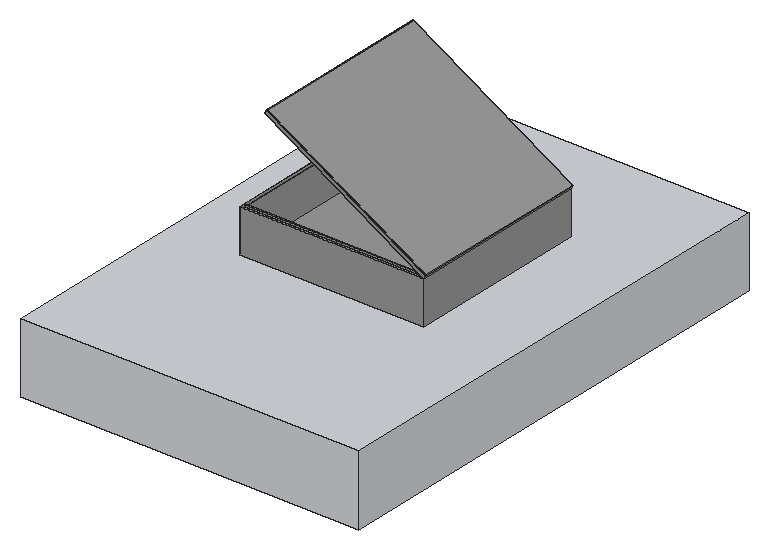
Revit family "Hager-Univers-IP54-D205-H800-Cl.II-Encl-CH-en", category Equipement électrique, Revit 2020
Family settings
  Hôte = Face
  Configuration du panneau = Deux colonnes, circuits au sein
  Cote de connecteur circulaire = Utiliser le diamètre
  Type d'élément = Tableau de raccordement
  Couper avec des vides une fois chargée = Non
  Partagée = Non
  Point de calcul de pièce = Non
Parameters (values of type "Surface mounted (plaster) IP54 W800 H800 D205  - FP53QSW")
  Width Control [instance] = if([EF000008 - Width] > Min Width, [EF000008 - Width], Min Width)  # 800 mm
  Commentaires du type = [HG000003 - Range]  # "Univers"
  Thickness Door [instance] = if([EF009171 - Material plate thickness door/cover] > 3 mm, 3 mm, [EF009171 - Material plate thickness door/cover])  # 1 mm
  Seal Frame Offset [instance] = 17 mm  # constant formula
  Plinth Visibility [instance] = [HG000027 - Plinth height] > 0 mm  # no
  Model = ""
  Min Width [instance] = 100 mm  # constant formula
  Min Height [instance] = 100 mm  # constant formula
  Min Depth [instance] = (2 * [EF009170 - Material plate thickness cabinet]) + 1 mm  # 3 mm
  Internal Frame Depth [instance] = (Door System Depth * 0.5)  # 9 mm
  Height Control [instance] = if([EF000040 - Height] > Min Height, [EF000040 - Height], Min Height)  # 800 mm
  HG000027 - Plinth height = 0 mm
  HG000026 - Floor standing = no
  HG000024 - Bottom section height = 800 mm
  HG000023 - Double section enclosure = no
  HG000016 - Door 3d visibility [instance] = yes
  HG000015 - Clearance visibility [instance] = no
  HG000014 - Door on the right [instance] = yes
  HG000013 - Door on the left [instance] = not([HG000014 - Door on the right])  # no
  HG000012 - Door swing angle [instance] = 30.00°
  HG000010 - Asymmetric doors = no
  HG000009 - Double swing door = no
  HG000006 - Flush mounted = no
  HG000004 - Manufacturer reference = "FP53QSW"
  HG000003 - Range = "Univers"
  HG000002 - With door or cover = yes
  Frame Offset Bottom [instance] = 10 mm  # constant formula
  Frame Offset [instance] = 15 mm  # constant formula
  EF015940 - Cover with overpressure release = no
  EF011959 - Degree of protection (NEMA) = ""
  EF009554 - Number of openings for flange plates = 6
  EF009212 - Cover model = "EV000116 - Closed"
  EF009171 - Material plate thickness door/cover = 1 mm
  EF009170 - Material plate thickness cabinet = 1 mm
  Fabricant = "Hager"  # constant formula
  EF008873 - Nominal current (In) = 250 A
  EF007800 - Suitable for lightning protection = no
  EF006306 - With lock = no
  EF006244 - Transparent cover/door = no
  EF005474 - Degree of protection (IP) = "EV006419 - IP54"
  EF004464 - Type of door = "EV002646 - Single"
  EF004427 - Number of modules = 180
  EF004293 - Impact strength = "EV006815 - IK09"
  EF003532 - Suitable for outdoor use = no
  EF002950 - Width in number of modular spacings = 36
  EF001613 - Circuit integrity = "EV000494 - None"
  EF001596 - Material housing = "EV000179 - Steel"
  EF001131 - Internal depth = 143 mm
  EF001088 - Extension possible = yes
  EF000437 - Number of conduit inlets = 6
  EF000339 - Type of cover = "EV001012 - Cover"
  EF000266 - Number of rows = 5
  EF000218 - Built-in depth = 0 mm
  EF000118 - With mounting plate = no
  EF000116 - RAL-number = "9010"
  EF000049 - Depth = 205 mm
  EF000040 - Height = 800 mm
  EF000008 - Width = 800 mm
  EF000007 - Colour = "EV000202 - White"
  EF000003 - Mounting method = "EV000384 - Surface mounted (plaster)"
  Door System Leaf Tolerance [instance] = 1.5 mm  # constant formula
  Door System Depth [instance] = 18 mm  # constant formula
  Door Height [instance] = Height Control - [HG000027 - Plinth height]  # 800 mm
  Depth Control [instance] = if([EF000049 - Depth] > Min Depth, [EF000049 - Depth], Min Depth)  # 205 mm
  Default Elevation = 0 mm
  Connector Offset [instance] = Height Control / 2  # 400 mm
  Bottom Top Plate Trim [instance] = 1.5 mm  # constant formula
  Plinth height Ctrl [instance] = if([HG000027 - Plinth height] > 0 mm, [HG000027 - Plinth height], 12 mm)  # 12 mm
Types (4, lengths in mm): name | Width Control | HG000004 - Manufacturer reference | EF009554 - Number of openings for flange plates | EF004464 - Type of door | EF004427 - Number of modules | EF002950 - Width in number of modular spacings | EF001131 - Internal depth | EF000437 - Number of conduit inlets | EF000339 - Type of cover | EF000008 - Width
  Surface mounted (plaster) IP54 W1050 H800 D205  - FP54QSW | 1050 | "FP54QSW" | 8 | "EV003602 - Double" | 240 | 48 | 130 | 8 | "EV004216 - Door" | 1050
  Surface mounted (plaster) IP54 W300 H800 D205  - FP51QSW | 300 | "FP51QSW" | 2 | "EV002646 - Single" | 60 | 12 | 130 | 2 | "EV001012 - Cover" | 300
  Surface mounted (plaster) IP54 W550 H800 D205  - FP52QSW | 550 | "FP52QSW" | 4 | "EV002646 - Single" | 120 | 24 | 143 | 4 | "EV001012 - Cover" | 550
  Surface mounted (plaster) IP54 W800 H800 D205  - FP53QSW | 800 | "FP53QSW" | 6 | "EV002646 - Single" | 180 | 36 | 143 | 6 | "EV001012 - Cover" | 800
Reference planes
  plane 1 "Center (Front/Back)": y = 0
  plane 2: z = 0
  plane 3 "Center (Left/Right)": x = 0
  plane 4: z = 205
  plane 5: y = 1
  plane 6: y = 400
  plane 7: y = 0
  plane 8: y = 800
  plane 9: z = 0
  plane 10: x = -385
  plane 11: x = 385
  plane 12: x = 384
  plane 13: x = -384
  plane 14: y = 799
  plane 15: x = -383
  plane 16: x = -400
  plane 17: x = 383
  plane 18: x = 400
  plane 19: x = 399
  plane 20: x = -399
  plane 21: y = 11
  plane 22: y = 800
  plane 23: y = 784
  plane 24: z = 187
  plane 25: z = 1
  plane 26: z = 186
  plane 27: z = 204
Forms (mm)
  Extrusion 1, solid
    sketch origin (0, 0, 0) x (1, 0, 0) y (0, 1, 0)
      loop
        line (-702.964, 1305) -> (-702.964, -811.445) -> (766.763, -811.445) -> (766.763, 1305) -> (-702.964, 1305)
    from 0 to -304.8
  Extrusion 2, solid, material "Hager_Steel_RAL7035_Light_Grey", visible <- "Plinth Visibility", detail levels medium+fine
    sketch origin (0, 0, 0) x (1, 0, 0) y (0, 1, 0)
      loop
        line (-400, 0) -> (400, 0) -> (400, 12) -> (-400, 12) -> (-400, 0)
    from 0 to 187
  Extrusion 3, solid, material "Hager_Steel_RAL7035_Light_Grey", detail levels medium+fine
    sketch origin (0, 0, 0) x (1, 0, 0) y (0, 1, 0)
      loop
        line (-400, 0) -> (400, 0) -> (400, 800) -> (-400, 800) -> (-400, 0)
    from 0 to 187
  Extrusion 4, void
    sketch origin (0, 0, 0) x (1, 0, 0) y (0, 1, 0)
      loop
        line (-399, 1) -> (399, 1) -> (399, 799) -> (-399, 799) -> (-399, 1)
    from 1 to 186
  Extrusion 5, void
    sketch origin (-381.607, -4572, 187) x (0, -1, 0) y (-1, 0, 0)
      loop
        line (-4583, 2.393) -> (-5356, 2.393) -> (-5356, -765.607) -> (-4583, -765.607) -> (-4583, 2.393)
    from 0 to 1 <- "EF009170 - Material plate thickness cabinet"
  Extrusion 6, solid, material "Hager_Steel_RAL7035_Light_Grey", detail levels fine
    sketch origin (0, 0, 187) x (1, 0, 0) y (0, 1, 0)
      loop
        line (-384, 784) -> (-384, 11) -> (384, 11) -> (384, 784) -> (-384, 784)
      loop
        line (-385, 10) -> (385, 10) -> (385, 785) -> (-385, 785) -> (-385, 10)
    from 0 to 9 <- "Internal Frame Depth"
  Extrusion 7, solid, material "Hager_Steel_RAL7035_Light_Grey", detail levels coarse
    sketch origin (0, 0, 0) x (1, 0, 0) y (0, 1, 0)
      loop
        line (-400, 0) -> (400, 0) -> (400, 800) -> (-400, 800) -> (-400, 0)
    from 0 to 205
  Sweep 8, void
    path in 3D
      loop
        line (-400, 12, 0) -> (400, 12, 0) -> (400, 12, 187) -> (-400, 12, 187) -> (-400, 12, 0)
    profile origin (-400, 12, 93.5) x (-1, 0, 0) y (0, -1, 0)
      loop
        line (0, 0) -> (0, 1.5) -> (-1.5, 1.5)
        arc (-1.5, 1.5) -> (-1.061, 0.439) -> (0, 0) r 1.5
Cuts and joins
  Extrusion 4, Extrusion 5 cuts Extrusion 3
  Sweep 8 cuts Extrusion 2
Lines and regions (mm)
  Masking region 1
    outline origin (0, 0, 0) x (1, 0, 0) y (0, 0, 1)
      loop
        line (-400, 205) -> (-400, 0) -> (400, 0) -> (400, 205) -> (-400, 205)
  Masking region 2, detail levels medium+fine
    outline origin (0, 140, 0) x (0, 1, 0) y (0, 0, 1)
      loop
        line (-140, 0) -> (660, 0) -> (660, 187) -> (-140, 187) -> (-140, 0)
  Masking region 3, not visible, detail levels medium+fine
    outline origin (0, 297.922, 0) x (0, 1, 0) y (0, 0, 1)
      loop
        line (113.578, 0) -> (153.578, 0) -> (153.578, 194)
        arc (153.578, 194) -> (150.649, 201.071) -> (143.578, 204) r 10
        line (143.578, 204) -> (113.578, 204) -> (113.578, 0)
  Masking region 4, detail levels coarse
    outline origin (0, 0, 180) x (0, 1, 0) y (0, 0, 1)
      loop
        line (0, -180) -> (800, -180) -> (800, 25) -> (0, 25) -> (0, -180)
  Masking region 5, visible <- "Plinth Visibility", detail levels medium+fine
    outline origin (0, 52.24, 12.345) x (0, 0, -1) y (0, 1, 0)
      loop
        line (10.845, -40.24) -> (-173.155, -40.24)
        arc (-173.155, -40.24) -> (-173.594, -41.301) -> (-174.655, -41.74) r 1.5
        line (-174.655, -41.74) -> (-174.655, -52.24) -> (12.345, -52.24) -> (12.345, -41.74)
        arc (12.345, -41.74) -> (11.285, -41.301) -> (10.845, -40.24) r 1.5
  Masking region 6, detail levels medium+fine
    outline origin (-381.607, -4572, 187) x (-1, 0, 0) y (0, -1, 0)
      loop
        line (18.393, -5372) -> (18.393, -4572) -> (-781.607, -4572) -> (-781.607, -5372) -> (18.393, -5372)
  Masking region 7, visible <- "Plinth Visibility", detail levels medium+fine
    outline origin (-381.607, -4727, 187) x (-1, 0, 0) y (0, -1, 0)
      loop
        arc (16.893, -4739) -> (17.332, -4737.939) -> (18.393, -4737.5) r 1.5
        line (18.393, -4737.5) -> (18.393, -4727) -> (-781.607, -4727) -> (-781.607, -4737.5)
        arc (-781.607, -4737.5) -> (-780.546, -4737.939) -> (-780.107, -4739) r 1.5
        line (-780.107, -4739) -> (16.893, -4739)
  Masking region 8, detail levels coarse
    outline origin (-442.548, -4669.526, 187) x (-1, 0, 0) y (0, -1, 0)
      loop
        line (-42.548, -5469.526) -> (-42.548, -4669.526) -> (-842.548, -4669.526) -> (-842.548, -5469.526) -> (-42.548, -5469.526)
  sketch lines
    curve 1: line (-400, 12, 187) -> (-400, 12, 0)
    curve 2: line (400, 12, 187) -> (-400, 12, 187)
    curve 3: line (400, 12, 187) -> (400, 12, 0)
    curve 4: line (-400, 12, 0) -> (400, 12, 0)
Dimensions and locks
  "Depth Control": plane 4 to Extrusion 1
  "HG000027 - Plinth height": plane 1 "Center (Front/Back)" to plane 7
  "EF009170 - Material plate thickness cabinet": plane 5 to plane 7
  locked: connector elem to plane 3 "Center (Left/Right)"
  equal spacing: plane 8, plane 6, plane 7
  locked: connector elem to plane 6
  "EF009170 - Material plate thickness cabinet": plane 8 to plane 14
  "EF009170 - Material plate thickness cabinet": plane 10 to plane 13
  "EF009170 - Material plate thickness cabinet": plane 12 to plane 11
  "Frame Offset": plane 20 to plane 13
  "Frame Offset": plane 12 to plane 19
  "EF009170 - Material plate thickness cabinet": plane 16 to plane 20
  "EF009170 - Material plate thickness cabinet": plane 19 to plane 18
  "Seal Frame Offset": plane 16 to plane 15
  "Seal Frame Offset": plane 17 to plane 18
  "Frame Offset Bottom": plane 21 to plane 5
  "Frame Offset": plane 14 to plane 23
  equal spacing: plane 16, plane 3 "Center (Left/Right)", plane 18
  "Width Control": plane 16 to plane 18
  "EF009170 - Material plate thickness cabinet": plane 4 to plane 27
  "EF009170 - Material plate thickness cabinet": plane 24 to plane 26
  "EF009170 - Material plate thickness cabinet": plane 25 to level
  "Door System Depth": plane 4 to plane 24
  "Height Control": plane 1 "Center (Front/Back)" to Extrusion 7 sketch curve
  "Height Control": Masking region 4 sketch curve to plane 1 "Center (Front/Back)"
  "Height Control": plane 1 "Center (Front/Back)" to plane 22
  "Bottom Top Plate Trim": profile plane to Sweep 8 sketch curve
  "Bottom Top Plate Trim": Sweep 8 sketch curve to profile plane
  "Plinth height Ctrl": plane 1 "Center (Front/Back)" to Extrusion 2 sketch curve
  "Plinth height Ctrl": Masking region 5 sketch curve to plane 1 "Center (Front/Back)"
  "Plinth height Ctrl": plane 1 "Center (Front/Back)" to Masking region 7 sketch curve
  "Thickness Door": Extrusion 6 sketch curve to Extrusion 6 sketch curve  (x3)
  "Thickness Door": cut or joined group of Extrusion 3, Extrusion 4, Extrusion 5 to Extrusion 6 sketch curve
  radius of Masking region 3 sketch curve = 10 mm
  "Bottom Top Plate Trim": radius of Masking region 5 sketch curve  (x2)
  "Bottom Top Plate Trim": radius of Sweep 8 sketch curve
  "Bottom Top Plate Trim": radius of Masking region 7 sketch curve  (x2)
  aligned and locked: plane 2 to Extrusion 1
  aligned and locked: level to Extrusion 1
  aligned and locked: level to Masking region 1 sketch curve
  aligned and locked: Masking region 1 sketch curve to plane 18
  aligned and locked: Masking region 1 sketch curve to plane 16
  aligned and locked: plane 7 to Masking region 2 sketch curve
  aligned and locked: level to Masking region 3 sketch curve
  aligned and locked: Masking region 3 sketch curve to plane 27
  aligned and locked: level to Masking region 2 sketch curve
  aligned and locked: plane 1 "Center (Front/Back)" to Extrusion 2 sketch curve
  aligned and locked: Extrusion 3 sketch curve to plane 7
  aligned and locked: plane 16 to Extrusion 3 sketch curve
  aligned and locked: plane 18 to Extrusion 3 sketch curve
  aligned and locked: plane 20 to Extrusion 4 sketch curve
  aligned and locked: plane 19 to Extrusion 4 sketch curve
  aligned and locked: Extrusion 4 sketch curve to plane 5
  aligned and locked: Extrusion 4 to plane 25
  aligned and locked: plane 26 to Extrusion 4
  aligned and locked: plane 24 to Extrusion 3
  aligned and locked: Extrusion 5 sketch curve to plane 21
  aligned and locked: Extrusion 5 sketch curve to plane 13
  aligned and locked: Extrusion 5 sketch curve to plane 12
  aligned and locked: plane 18 to Extrusion 7 sketch curve
  aligned and locked: plane 1 "Center (Front/Back)" to Extrusion 7 sketch curve
  aligned and locked: plane 16 to Extrusion 7 sketch curve
  aligned and locked: plane 4 to Extrusion 7
  aligned and locked: Extrusion 7 to level
  aligned and locked: level to Masking region 4 sketch curve
  aligned and locked: Masking region 4 sketch curve to plane 1 "Center (Front/Back)"
  aligned and locked: Masking region 4 sketch curve to plane 4
  aligned and locked: nested 1 to level
  aligned and locked: nested 1 to plane 16
  aligned and locked: plane 8 to Extrusion 3 sketch curve
  aligned and locked: plane 23 to Extrusion 5 sketch curve
  aligned and locked: plane 14 to Extrusion 4 sketch curve
  aligned and locked: Masking region 2 sketch curve to plane 8
  aligned and locked: level to Masking region 5 sketch curve
  aligned and locked: plane 16 to Extrusion 2 sketch curve
  aligned and locked: plane 18 to Extrusion 2 sketch curve
  aligned and locked: Masking region 5 sketch curve to plane 24
  aligned and locked: Masking region 2 sketch curve to plane 24
  aligned and locked: plane 24 to Extrusion 2
  aligned and locked: profile plane to Sweep 8 sketch curve  (x2)
  aligned and locked: Masking region 6 sketch curve to plane 18
  aligned and locked: Masking region 6 sketch curve to plane 22
  aligned and locked: Masking region 6 sketch curve to plane 16
  aligned and locked: plane 8 to plane 22
  aligned and locked: Masking region 6 sketch curve to plane 7
  aligned and locked: Masking region 7 sketch curve to plane 16
  aligned and locked: Masking region 7 sketch curve to plane 1 "Center (Front/Back)"
  aligned and locked: Masking region 7 sketch curve to plane 18
  aligned and locked: Masking region 8 sketch curve to plane 1 "Center (Front/Back)"
  aligned and locked: Masking region 8 sketch curve to plane 18
  aligned and locked: Masking region 8 sketch curve to plane 22
  aligned and locked: Masking region 8 sketch curve to plane 16
  aligned and locked: nested 2 to plane 7
  aligned and locked: plane 3 "Center (Left/Right)" to nested 2
  aligned and locked: nested 2 to plane 24
  aligned and locked: Extrusion 6 sketch curve to cut or joined group of Extrusion 3, Extrusion 4, Extrusion 5  (x4)
Automatic sketch dimensions
  Extrusion 1 sketch curve to Extrusion 1 sketch curve = 1469.727 mm
  Extrusion 1 sketch curve to Extrusion 1 sketch curve = 2116.445 mm
  Masking region 1 sketch curve to plane 4 = 0 mm
  plane 6 to Masking region 3 sketch curve = 11.5 mm
  Masking region 3 sketch curve to Masking region 3 sketch curve = 30 mm
  Masking region 5 sketch curve to plane 1 "Center (Front/Back)" = 0 mm
Nested families
  nested 1: "Hager_Enclosure_Symbol" at (-400, 0, 0) x (1, 0, 0) z (0, -1, 0), Height <- "Depth Control", Width <- "Width Control", type "Hager_Enclosure_Symbol"
    with Width_Ctrl 800 mm, Width 800 mm, Height_Ctrl 205 mm, Height 205 mm, A_Width_Int 13.453 mm, A_Width 161.438 mm, A_Height_Ctrl 179.375 mm, A_Height 179.375 mm
  nested 2: "EC000058_Univers_Door" at (0, 0, 187) x (1, 0, 0) z (0, 1, 0), Leaf_Tolerance <- "Door System Leaf Tolerance", Angle <- "HG000012 - Door swing angle", Door_Depth <- "Door System Depth", Door_Left <- "HG000013 - Door on the left", Transparent <- "EF006244 - Transparent cover/door", Assymetrical <- "HG000010 - Asymmetric doors", Width <- "Width Control", Clearance <- "HG000015 - Clearance visibility", Double <- "HG000009 - Double swing door", 3d_Door <- "HG000016 - Door 3d visibility", Lock_Visibility <- "EF006306 - With lock", Width_Ctrl <- "Width Control", Door_Right <- "HG000014 - Door on the right", Door <- "HG000002 - With door or cover", Height <- "Door Height", Thickness <- "Thickness Door", type "EC000058_Univers_Door", detail levels medium+fine
    with min_wh 3 mm, Width_Ctrl 800 mm, Width 800 mm, Transparent no, Thickness 1 mm, Seal_Material Hager_Rubber, Lock_Visibility no, Lock_Material Hager_Plastic_RAL9005_Jet_Black, Leaf_Width 800 mm, Leaf_Tolerance_External_Sides 0 mm, Leaf_Tolerance 1.5 mm, Leaf_Offset 0 mm, Leaf_Height 797 mm, Leaf_2_Width 800 mm, Leaf_2_Offset 400 mm, Leaf_1_Width 800 mm, Leaf_1_Offset 400 mm, Height_Ctrl 800 mm, Height 800 mm, Glass_Material Hager_Glass, Double_Clearance_Ctrl no, Double no, Door_Right_Ctrl yes, Door_Right yes, Door_Material Hager_Steel_RAL7035_Light_Grey, Door_Left_Ctrl no, Door_Left no, Door_Depth 18 mm, Door yes, Clearance_Material Hager_Clearance, Clearance_Depth 800 mm, Clearance_Ctrl no, Clearance no, Assymetrical no, Angle 30.00°, 3d_Door yes
Connectors
  electrical at (0, 400, 0)
    settings: on plane 9, index 1, voltage 0 V, apparent load 0 VA, apparent load phase1 0 VA, apparent load phase2 0 VA, apparent load phase3 0 VA, power factor 1, load classification "Other", number of poles 1, system type 30, power factor state 1, is connector primary yes, connector utility no, sub classification motor no, connector description ""
Definition of nested family "EC000058_Univers_Door"
  Parameters (values of type "EC000058_Univers_Door")
    min_wh [instance] = (2 * Thickness) + 1 mm  # 11 mm
    Width_Ctrl [instance] = 400 mm
    Width [instance] = 500 mm
    Transparent [instance] = yes
    Thickness [instance] = 5 mm
    Seal_Material [instance] = none
    Lock_Visibility [instance] = yes
    Lock_Material [instance] = none
    Leaf_Width [instance] = if((Width_Ctrl - 2 * Leaf_Tolerance_External_Sides) > 0 mm, (Width_Ctrl - 2 * Leaf_Tolerance_External_Sides), min_wh)  # 400 mm
    Leaf_Tolerance_External_Sides [instance] = 0 mm  # constant formula
    Leaf_Tolerance [instance] = 1.5 mm
    Leaf_Offset [instance] = 0 mm  # constant formula
    Leaf_Height [instance] = if((Height_Ctrl - 2 * Leaf_Tolerance) > 0 mm, (Height_Ctrl - 2 * Leaf_Tolerance), min_wh)  # 497 mm
    Leaf_2_Width [instance] = if(and(and(Double, Assymetrical), Door_Left), (Leaf_Width / 3) - (Leaf_Tolerance / 2), if(and(and(Double, Assymetrical), Door_Right), (Leaf_Width / 3) * 2 - (Leaf_Tolerance / 2), if(and(Double, not(Assymetrical)), (Leaf_Width / 2) - Leaf_Tolerance, Leaf_Width)))  # 400 mm
    Leaf_2_Offset [instance] = if(and(Double, Assymetrical), Leaf_2_Width / 2, if(and(Double, not(Assymetrical)), Leaf_Width / 4, Leaf_Width / 2))  # 200 mm
    Leaf_1_Width [instance] = if(and(and(Double, Assymetrical), Door_Right), (Leaf_Width / 3) - (Leaf_Tolerance / 2), if(and(and(Double, Assymetrical), Door_Left), (Width / 3) * 2 - (Leaf_Tolerance / 2), if(and(Double, not(Assymetrical)), (Leaf_Width / 2) - Leaf_Tolerance, Leaf_Width)))  # 400 mm
    Leaf_1_Offset [instance] = if(and(Double, Assymetrical), Leaf_1_Width / 2, if(and(Double, not(Assymetrical)), Leaf_Width / 4, Leaf_Width / 2))  # 200 mm
    Height_Ctrl [instance] = if(Height > min_wh, Height, min_wh)  # 500 mm
    Height [instance] = 500 mm
    Glass_Material [instance] = none
    Double_Clearance_Ctrl [instance] = and(Double, Clearance)  # no
    Double [instance] = no
    Door_Right_Ctrl [instance] = and(or(Door_Right, Double), Door)  # yes
    Door_Right [instance] = yes
    Door_Material [instance] = none
    Door_Left_Ctrl [instance] = and(or(Door_Left, Double), Door)  # no
    Door_Left [instance] = no
    Door_Depth [instance] = 30 mm
    Door [instance] = yes
    Default Elevation = 1219.2 mm
    Clearance_Material [instance] = none
    Clearance_Depth [instance] = if(Leaf_1_Width > Leaf_2_Width, Leaf_1_Width, Leaf_2_Width)  # 400 mm
    Clearance_Ctrl [instance] = and(not(Double), Clearance)  # yes
    Clearance [instance] = yes
    Assymetrical [instance] = yes
    Angle [instance] = 30.00°
    3d_Door [instance] = yes
  Reference planes
    plane 1 "Center (Front/Back)": y = 0
    plane 2 "Bottom": z = 0
    plane 3 "Center (Left/Right)": x = 0
    plane 4: z = 500
    plane 5: x = -200
    plane 6: x = 200
    plane 7: z = 500
    plane 8: x = -200
    plane 9: z = 0
    plane 10: x = 200
    plane 11: y = 0
    plane 12: z = 1.5
    plane 13: x = -600
    plane 14: y = -400
    plane 15: x = 600
    plane 16: x = 0
    plane 17: x = 0
    plane 18: x = -200
    plane 19: x = 200
    plane 20: z = 498.5
  Forms (mm)
    Extrusion 1, solid, material <- "Clearance_Material", visible <- "Double_Clearance_Ctrl"
      sketch origin (1200, 0, 0) x (1, 0, 0) y (0, 0, -1)
        loop
          line (-1800, -498.5) -> (-600, -498.5) -> (-600, 0) -> (-1800, 0) -> (-1800, -498.5)
      from 0 to -400
  Dimensions and locks
    equal spacing: plane 5, plane 3 "Center (Left/Right)", plane 6
    "Width_Ctrl": plane 5 to plane 6
    "Leaf_Offset": plane 5 to plane 8
    "Leaf_Offset": plane 6 to plane 10
    "Leaf_Offset": plane 9 to level
    "Leaf_Offset": plane 4 to plane 7
    "Height_Ctrl": plane 4 to level
    "Leaf_Tolerance": plane 12 to plane 9
    locked: plane 11 to plane 1 "Center (Front/Back)"
    "Leaf_1_Offset": plane 18 to plane 16
    "Leaf_2_Offset": plane 17 to plane 19
    "Leaf_1_Width": plane 13 to plane 8
    "Leaf_2_Width": plane 10 to plane 15
    "Clearance_Depth": plane 14 to plane 1 "Center (Front/Back)"
    "Leaf_Tolerance_External_Sides": plane 8 to plane 18
    "Leaf_Tolerance_External_Sides": plane 19 to plane 10
    "Leaf_Tolerance": plane 7 to plane 20
    aligned and locked: level to plane 2 "Bottom"
    aligned and locked: nested 1 to plane 16
    aligned and locked: nested 2 to plane 17
    aligned and locked: Extrusion 1 to plane 13
    aligned and locked: plane 15 to Extrusion 1
    aligned and locked: Extrusion 1 to plane 14
    aligned and locked: plane 12 to nested 1
    aligned and locked: nested 2 to plane 12
    aligned and locked: Extrusion 1 to plane 11
    aligned and locked: plane 20 to Extrusion 1
    aligned and locked: nested 2 to plane 11
    aligned and locked: nested 1 to plane 11
  Automatic sketch dimensions
    Extrusion 1 sketch curve to level = 0 mm
    plane 5 to Extrusion 1 sketch curve = 400 mm
    plane 6 to Extrusion 1 sketch curve = 400 mm
    Extrusion 1 sketch curve to plane 4 = 1.5 mm
  Nested families
    nested 1: "EC000058_Univers_Door_Leaf" at (0, 0, 1.5), Width <- "Leaf_1_Width", visible <- "Door_Left_Ctrl", Leaf_Height <- "Leaf_Height", Angle <- "Angle", 3d_Door <- "3d_Door", Transparent <- "Transparent", Clearance Material <- "Clearance_Material", Clearance <- "Clearance_Ctrl", Door_Material <- "Door_Material", Glass_Material <- "Glass_Material", Door_Depth <- "Door_Depth", Lock_Material <- "Lock_Material", Seal_Material <- "Seal_Material", Lock_Visibility <- "Lock_Visibility", Thickness <- "Thickness", type "EC000058_Univers_Door_Leaf"
      with Width 400 mm, Transparent_Glass_Offset 30 mm, Transparent_Ctrl yes, Transparent yes, Thickness 5 mm, Standard no, Seal_Material none, Seal_D2 8 mm, Seal_D1 1 mm, Offset_Internal_Frame 10 mm, Lock_Width 20 mm, Lock_Visibility_3d yes, Lock_Visibility yes, Lock_Thickness_3 3 mm, Lock_Thickness_2 1 mm, Lock_Thickness_1 3 mm, Lock_Radius_Offset_2 16 mm, Lock_Radius_Offset_1 15 mm, Lock_Radius_2 5 mm, Lock_Radius 6 mm, Lock_Offset 5 mm, Lock_Material none, Lock_Height 80 mm, Lock_Cover_Top_Offset_2d 17 mm, Lock_Cover_Height -65 mm, Leaf_Height 497 mm, Internal_Seal_Thickness 8 mm, Internal_Seal_Depth_2 4.5 mm, Internal_Frame_Depth 25 mm, Glass_Thickness -1 mm, Glass_Offset -2 mm, Glass_Material none, Door_Material none, Door_Depth 30 mm, Clearance Material none, Clearance yes, Angle_Ctrl 30.00°, Angle 30.00°, 3d_Door yes
    nested 2: "EC000058_Univers_Door_Leaf" at (0, 0, 1.5) x (-1, 0, 0) z (0, 0, 1), Width <- "Leaf_2_Width", visible <- "Door_Right_Ctrl", Leaf_Height <- "Leaf_Height", Angle <- "Angle", 3d_Door <- "3d_Door", Transparent <- "Transparent", Clearance Material <- "Clearance_Material", Clearance <- "Clearance_Ctrl", Door_Material <- "Door_Material", Glass_Material <- "Glass_Material", Door_Depth <- "Door_Depth", Lock_Material <- "Lock_Material", Seal_Material <- "Seal_Material", Lock_Visibility <- "Lock_Visibility", Thickness <- "Thickness", type "EC000058_Univers_Door_Leaf"
      with Width 400 mm, Transparent_Glass_Offset 30 mm, Transparent_Ctrl yes, Transparent yes, Thickness 5 mm, Standard no, Seal_Material none, Seal_D2 8 mm, Seal_D1 1 mm, Offset_Internal_Frame 10 mm, Lock_Width 20 mm, Lock_Visibility_3d yes, Lock_Visibility yes, Lock_Thickness_3 3 mm, Lock_Thickness_2 1 mm, Lock_Thickness_1 3 mm, Lock_Radius_Offset_2 16 mm, Lock_Radius_Offset_1 15 mm, Lock_Radius_2 5 mm, Lock_Radius 6 mm, Lock_Offset 5 mm, Lock_Material none, Lock_Height 80 mm, Lock_Cover_Top_Offset_2d 17 mm, Lock_Cover_Height -65 mm, Leaf_Height 497 mm, Internal_Seal_Thickness 8 mm, Internal_Seal_Depth_2 4.5 mm, Internal_Frame_Depth 25 mm, Glass_Thickness -1 mm, Glass_Offset -2 mm, Glass_Material none, Door_Material none, Door_Depth 30 mm, Clearance Material none, Clearance yes, Angle_Ctrl 30.00°, Angle 30.00°, 3d_Door yes
  Definition of nested family "EC000058_Univers_Door_Leaf"
    Parameters (values of type "EC000058_Univers_Door_Leaf")
      Width [instance] = 2000 mm
      Transparent_Glass_Offset [instance] = 30 mm
      Transparent_Ctrl [instance] = and(Transparent, [3d_Door])  # yes
      Transparent [instance] = yes
      Thickness [instance] = 5 mm
      Standard [instance] = and(not(Transparent), [3d_Door])  # no
      Seal_Material [instance] = none
      Seal_D2 [instance] = 8 mm  # constant formula
      Seal_D1 [instance] = 1 mm  # constant formula
      Offset_Internal_Frame [instance] = 10 mm  # constant formula
      Lock_Width [instance] = 20 mm  # constant formula
      Lock_Visibility_3d [instance] = and(Lock_Visibility, [3d_Door])  # yes
      Lock_Visibility [instance] = yes
      Lock_Thickness_3 [instance] = 3 mm  # constant formula
      Lock_Thickness_2 [instance] = 1 mm  # constant formula
      Lock_Thickness_1 [instance] = 3 mm  # constant formula
      Lock_Radius_Offset_2 [instance] = Lock_Radius_Offset_1 + 1 mm  # 16 mm
      Lock_Radius_Offset_1 [instance] = 15 mm  # constant formula
      Lock_Radius_2 [instance] = Lock_Radius - 1 mm  # 5 mm
      Lock_Radius [instance] = 6 mm  # constant formula
      Lock_Offset [instance] = 5 mm  # constant formula
      Lock_Material [instance] = none
      Lock_Height [instance] = 80 mm  # constant formula
      Lock_Cover_Top_Offset_2d [instance] = Lock_Radius_Offset_2 + 1 mm  # 17 mm
      Lock_Cover_Height [instance] = -(Lock_Height - Lock_Radius_Offset_1)  # -65 mm
      Leaf_Height [instance] = 2720.336 mm
      Internal_Seal_Thickness [instance] = 8 mm  # constant formula
      Internal_Seal_Depth_2 [instance] = 4.5 mm  # constant formula
      Internal_Frame_Depth [instance] = if(Door_Depth - Thickness > 5 mm, Door_Depth - Thickness, 5 mm)  # 25 mm
      Glass_Thickness [instance] = if(Thickness > 15 mm, Glass_Offset + 10 mm, -1 mm)  # -1 mm
      Glass_Offset [instance] = if(Thickness > 15 mm, -(Thickness + 10 mm) / 2, -2 mm)  # -2 mm
      Glass_Material [instance] = none
      Door_Material [instance] = none
      Door_Depth [instance] = 30 mm
      Default Elevation = 0 mm
      Clearance Material [instance] = none
      Clearance [instance] = yes
      Angle_Ctrl [instance] = if(Angle > 180.00°, 180.00°, Angle)  # 90.00°
      Angle [instance] = 90.00°
      3d_Door [instance] = yes
    Reference planes
      plane 1 "Center (Front/Back)": y = 0
      plane 2: z = 0
      plane 3 "Center (Left/Right)": x = 0
      plane 4: y = 2000
      plane 5: x = -1000
      plane 6: x = 1000
      plane 7: x = -3000
      plane 8: z = 2720.336
      plane 9: z = 30
      plane 10: z = 2690.336
      plane 11: x = 970
      plane 12: x = -970
      plane 13: y = -3
      plane 14: z = 107.833
      plane 15: y = -5
      plane 16: y = -223.314
      plane 17: x = -1000
      plane 18: z = 1360.168
      plane 19: y = 30
    Forms (mm)
      Extrusion 1, solid, material <- "Clearance Material", visible <- "Clearance"
        sketch origin (0, 0, 0) x (1, 0, 0) y (0, 0, 1)
          loop
            line (-3000, 2720.336) -> (-3000, 0) -> (1000, 0) -> (1000, 2720.336) -> (-3000, 2720.336)
        from 0 to -2000
      Extrusion 2, solid, material <- "Door_Material", visible <- "Standard", detail levels medium+fine
        sketch origin (-1000, 0, 0) x (0, 1, 0) y (-1, 0, 0)
          loop
            line (0, 30) -> (0, 25) -> (2000, 25) -> (2000, 30) -> (0, 30)
        from 0 to 2720.336 <- "Leaf_Height"
      Extrusion 3, solid, material <- "Door_Material", visible <- "Transparent_Ctrl", detail levels medium+fine
        sketch origin (-1000, 0, 0) x (0, 1, 0) y (-1, 0, 0)
          loop
            line (0, 25) -> (2000, 25) -> (2000, 30) -> (0, 30) -> (0, 25)
        from 0 to 2720.336 <- "Leaf_Height"
      Extrusion 4, void
        sketch origin (-1025, 2000, 0) x (0, 1, 0) y (0, 0, -1)
          loop
            line (-30, -2690.336) -> (-30, -30) -> (-1970, -30) -> (-1970, -2690.336) -> (-30, -2690.336)
        from 0 to 5 <- "Thickness"
      Sweep 5, solid, material <- "Seal_Material", visible <- "Transparent_Ctrl", detail levels fine
        path in 3D
          loop
            line (-1025, 30, 30) -> (-1025, 30, 2690.336) -> (-1025, 1970, 2690.336) -> (-1025, 1970, 30) -> (-1025, 30, 30)
        profile origin (-1025, 1000, 30) x (1, 0, 0) y (0, 0, 1)
          loop
            line (0, 0) -> (0, -8) -> (1, -8) -> (1, 0) -> (0, 0)
      Extrusion 6, solid, material <- "Glass_Material", visible <- "Transparent_Ctrl", detail levels medium+fine
        sketch origin (-1030, 0, 0) x (0, 1, 0) y (0, 0, -1)
          loop
            line (1970, -2690.336) -> (1970, -30) -> (30, -30) -> (30, -2690.336) -> (1970, -2690.336)
        from -2 <- "Glass_Offset" to -1 <- "Glass_Thickness"
      Extrusion 7, solid, material <- "Door_Material", visible <- "3d_Door", detail levels medium+fine
        sketch origin (-1025, 2000, 0) x (0, -1, 0) y (0, 0, -1)
          loop
            line (0, -2720.336) -> (2000, -2720.336) -> (2000, 0) -> (0, 0) -> (0, -2720.336)
          loop
            line (1995, -5) -> (5, -5) -> (5, -2715.336) -> (1995, -2715.336) -> (1995, -5)
        from 0 to 25 <- "Internal_Frame_Depth"
      Sweep 8, solid, material <- "Seal_Material", visible <- "Transparent_Ctrl", detail levels fine
        path in 3D
          loop
            line (-1025, 0, 0) -> (-1025, 2000, 0) -> (-1025, 2000, 2720.336) -> (-1025, 0, 2720.336) -> (-1025, 0, 0)
        profile origin (-1025, 0, 1360.168) x (1, 0, 0) y (0, 1, 0)
          loop
            line (0, 10) -> (2.975, 10)
            arc (2.975, 10) -> (4.053, 10.447) -> (4.5, 11.525) r 1.525
            line (4.5, 11.525) -> (4.5, 16.527)
            arc (4.5, 16.527) -> (4.069, 17.569) -> (3.027, 18) r 1.473
            line (3.027, 18) -> (0, 18) -> (0, 10)
      Extrusion 9, solid, material <- "Lock_Material", visible <- "Lock_Visibility_3d", detail levels fine
        sketch origin (-1030, 0, 0) x (0, 1, 0) y (0, 0, -1)
          loop
            arc (1993.5, -1400.168) -> (1994.561, -1399.729) -> (1995, -1398.668) r 1.5
            line (1995, -1398.668) -> (1995, -1320.168) -> (1975, -1320.168) -> (1975, -1398.668)
            arc (1975, -1398.668) -> (1975.439, -1399.729) -> (1976.5, -1400.168) r 1.5
            line (1976.5, -1400.168) -> (1993.5, -1400.168)
        from 3 <- "Lock_Thickness_1" to 0
      Blend 10, solid, material <- "Lock_Material", visible <- "Lock_Visibility_3d", detail levels fine
        base sketch origin (-1033, 0, 0) x (0, 1, 0) y (0, 0, -1)
          loop
            line (1975, -1320.168) -> (1975, -1398.668)
            arc (1975, -1398.668) -> (1975.439, -1399.729) -> (1976.5, -1400.168) r 1.5
            line (1976.5, -1400.168) -> (1993.5, -1400.168)
            arc (1993.5, -1400.168) -> (1994.561, -1399.729) -> (1995, -1398.668) r 1.5
            line (1995, -1398.668) -> (1995, -1320.168) -> (1975, -1320.168)
        top sketch origin (-1033, 0, 0) x (0, 1, 0) y (0, 0, -1)
          loop
            line (1976, -1320.168) -> (1976, -1398.668)
            arc (1976, -1398.668) -> (1976.146, -1399.022) -> (1976.5, -1399.168) r 0.5
            line (1976.5, -1399.168) -> (1993.5, -1399.168)
            arc (1993.5, -1399.168) -> (1993.854, -1399.022) -> (1994, -1398.668) r 0.5
            line (1994, -1398.668) -> (1994, -1320.168) -> (1976, -1320.168)
        from 0 to 1 <- "Lock_Thickness_2"
      Blend 11, solid, material <- "Lock_Material", visible <- "Lock_Visibility_3d", detail levels fine
        base sketch origin (-1034, 0, 0) x (0, 1, 0) y (0, 0, -1)
          loop
            line (1978, -1320.168) -> (1978, -1384.168)
            arc (1978, -1384.168) -> (1985, -1391.168) -> (1992, -1384.168) r 7
            line (1992, -1384.168) -> (1992, -1320.168) -> (1978, -1320.168)
        top sketch origin (-1034, 0, 0) x (0, 1, 0) y (0, 0, -1)
          loop
            line (1991, -1320.168) -> (1979, -1320.168) -> (1979, -1383.168)
            arc (1979, -1383.168) -> (1985, -1389.168) -> (1991, -1383.168) r 6
            line (1991, -1383.168) -> (1991, -1320.168)
        from 0 to 3 <- "Lock_Thickness_3"
      Extrusion 12, solid, material <- "Lock_Material", visible <- "Lock_Visibility_3d", detail levels fine
        sketch origin (-1030, 1975, 1320.168) x (1, 0, 0) y (0, -1, 0)
          loop
            line (-7, -19) -> (-7, -1) -> (0, -1) -> (0, 0) -> (-8, 0) -> (-8, -20) -> (0, -20) -> (0, -19) -> (-7, -19)
        from 0 to -65 <- "Lock_Cover_Height"
      Extrusion 13, void
        sketch origin (-1038, 1995, 1320.168) x (-1, 0, 0) y (0, 0, -1)
          loop
            line (-5, -65) -> (0, -65) -> (-5, -60) -> (-5, -65)
        from 0 to 20 <- "Lock_Width"
      Extrusion 14, void
        sketch origin (-1038, 1975, 1320.168) x (0, -1, 0) y (0, 0, -1)
          loop
            circle (-10, -15.995) r 6
          loop
            circle (-10, -15.995) r 5
        from 0 to 2
      Extrusion 15, solid, material <- "Lock_Material", visible <- "Lock_Visibility_3d", detail levels medium
        sketch origin (-1030, 0, 0) x (0, 1, 0) y (0, 0, -1)
          loop
            arc (1993.5, -1400.168) -> (1994.561, -1399.729) -> (1995, -1398.668) r 1.5
            line (1995, -1398.668) -> (1995, -1320.168) -> (1975, -1320.168) -> (1975, -1398.668)
            arc (1975, -1398.668) -> (1975.439, -1399.729) -> (1976.5, -1400.168) r 1.5
            line (1976.5, -1400.168) -> (1993.5, -1400.168)
        from 8 to 0
    Cuts and joins
      Extrusion 4 cuts Extrusion 3
      Extrusion 13, Extrusion 14 cuts Extrusion 9
      Extrusion 14 cuts Blend 11
      Extrusion 13, Extrusion 14 cuts Extrusion 12
      joined: Extrusion 9, Blend 10, Blend 11, Extrusion 12
      Extrusion 14 cuts Extrusion 15
    Lines and regions (mm)
      Masking region 1, visible <- "Lock_Visibility", detail levels fine
        outline origin (0, 0, 0) x (0, 1, 0) y (0, 0, 1)
          loop
            line (30, 1320.168) -> (33, 1320.168) -> (33, 1400.168) -> (30, 1400.168) -> (30, 1320.168)
      Masking region 2, visible <- "Lock_Visibility", detail levels fine
        outline origin (0, 3.143, 0) x (0, 1, 0) y (0, 0, 1)
          loop
            line (29.857, 1354.168) -> (30.857, 1354.168) -> (30.857, 1366.168) -> (29.857, 1366.168) -> (29.857, 1354.168)
      Masking region 3, detail levels medium+fine
        outline origin (0, 0, 0) x (0, 1, 0) y (0, 0, 1)
          loop
            line (0, 0) -> (30, 0) -> (30, 2720.336) -> (0, 2720.336) -> (0, 0)
      Masking region 4, detail levels medium+fine
        outline origin (0, 0, 0) x (1, 0, 0) y (0, 0, 1)
          loop
            line (-1000, 2720.336) -> (-1000, 0) -> (1000, 0) -> (1000, 2720.336) -> (-1000, 2720.336)
      Masking region 5, visible <- "Lock_Visibility", detail levels fine
        outline origin (-47.116, 0, 0) x (1, 0, 0) y (0, 0, 1)
          loop
            arc (1024.616, 1399.168) -> (1023.556, 1398.729) -> (1023.116, 1397.668) r 1.5
            line (1023.116, 1397.668) -> (1023.116, 1320.168) -> (1041.116, 1320.168) -> (1041.116, 1397.668)
            arc (1041.116, 1397.668) -> (1040.677, 1398.729) -> (1039.616, 1399.168) r 1.5
            line (1039.616, 1399.168) -> (1024.616, 1399.168)
      Masking region 6, visible <- "Lock_Visibility", detail levels medium+fine
        outline origin (-25, 0, 0) x (1, 0, 0) y (0, 0, 1)
          loop
            arc (1001.5, 1400.168) -> (1000.439, 1399.729) -> (1000, 1398.668) r 1.5
            line (1000, 1398.668) -> (1000, 1320.168) -> (1020, 1320.168) -> (1020, 1398.668)
            arc (1020, 1398.668) -> (1019.561, 1399.729) -> (1018.5, 1400.168) r 1.5
            line (1018.5, 1400.168) -> (1001.5, 1400.168)
      Masking region 7, visible <- "Lock_Visibility", detail levels fine
        outline origin (-73.735, 0, 0) x (1, 0, 0) y (0, 0, 1)
          loop
            line (1051.735, 1382.168) -> (1065.735, 1382.168) -> (1065.735, 1384.168)
            arc (1065.735, 1384.168) -> (1058.735, 1391.168) -> (1051.735, 1384.168) r 7
            line (1051.735, 1384.168) -> (1051.735, 1382.168)
      Masking region 8, visible <- "Lock_Visibility", detail levels fine
        outline origin (-73.735, 0, 0) x (1, 0, 0) y (0, 0, 1)
          loop
            line (1052.735, 1382.168) -> (1064.735, 1382.168) -> (1064.735, 1383.168)
            arc (1064.735, 1383.168) -> (1058.735, 1389.168) -> (1052.735, 1383.168) r 6
            line (1052.735, 1383.168) -> (1052.735, 1382.168)
      Masking region 9, visible <- "Lock_Visibility", detail levels fine
        outline origin (-25, 0, 0) x (1, 0, 0) y (0, 0, 1)
          loop
            line (1020, 1320.168) -> (1020, 1382.168) -> (1000, 1382.168) -> (1000, 1320.168) -> (1020, 1320.168)
      Masking region 10, detail levels medium+fine
        outline origin (0, 0, 0) x (1, 0, 0) y (0, 0, 1)
          loop
            circle (985, 1335.144) r 6
      Masking region 11, detail levels fine
        outline origin (0, 0, 0) x (1, 0, 0) y (0, 0, 1)
          loop
            circle (985, 1335.144) r 5
      Masking region 12, visible <- "Lock_Visibility", detail levels fine
        outline origin (0, 12.767, 0) x (0, 1, 0) y (0, 0, 1)
          loop
            line (20.233, 1320.168) -> (21.233, 1320.168) -> (21.233, 1399.168) -> (20.233, 1400.168) -> (20.233, 1320.168)
      Masking region 13, visible <- "Lock_Visibility", detail levels fine
        outline origin (0, 13.767, -10) x (0, 1, 0) y (0, 0, 1)
          loop
            line (20.233, 1330.168) -> (23.233, 1330.168) -> (23.233, 1399.168) -> (20.233, 1402.168) -> (20.233, 1330.168)
      Masking region 14, visible <- "Lock_Visibility", detail levels fine
        outline origin (0, 12.767, -10) x (0, 1, 0) y (0, 0, 1)
          loop
            line (20.233, 1330.168) -> (25.233, 1330.168) -> (25.233, 1399.305) -> (20.233, 1394.305) -> (20.233, 1330.168)
      Masking region 15, visible <- "Lock_Visibility", detail levels medium
        outline origin (0, 0, 0) x (0, 1, 0) y (0, 0, 1)
          loop
            line (30, 1320.168) -> (38, 1320.168) -> (38, 1400.168) -> (30, 1400.168) -> (30, 1320.168)
      Masking region 16, visible <- "Lock_Visibility", detail levels fine
        outline origin (-1000, 0, 0) x (0, 1, 0) y (-1, 0, 0)
          loop
            line (1975, 30) -> (1995, 30) -> (1995, 38) -> (1975, 38) -> (1975, 30)
          loop
            line (1979, 37) -> (1976, 37) -> (1976, 34) -> (1978, 34) -> (1979, 37)
          loop
            line (1994, 37) -> (1991, 37) -> (1992, 34) -> (1994, 34) -> (1994, 37)
      Masking region 17, visible <- "Lock_Visibility", detail levels medium
        outline origin (-1000, 0, 0) x (0, 1, 0) y (-1, 0, 0)
          loop
            line (1975, 30) -> (1995, 30) -> (1995, 38) -> (1975, 38) -> (1975, 30)
      symbolic lines
        curve 1: line (1000, 0, 0) -> (-3000, 0, 0)
        curve 2: arc (1000, 0, 0) -> (-1000, 2000, 0) -> (-3000, 0, 0) r 2000
        curve 4: line (-1030, 0, 0) -> (-1030, 2000, 0)
      reference lines
        curve 3: line (-1000, 0, 0) -> (-1000, 2000, 0)
      symbolic lines, detail levels medium+fine
        curve 5: line (-1030, 2000, 0) -> (-1025, 2000, 0)
        curve 7: line (-1025, 0, 0) -> (-1030, 0, 0)
        curve 8: line (-1025, 0, 0) -> (-1000, 0, 0)
        curve 9: line (-1000, 0, 0) -> (-1000, 2000, 0)
        curve 10: line (-1000, 2000, 0) -> (-1025, 2000, 0)
      symbolic lines, detail levels fine
        curve 6: line (-1025, 2000, 0) -> (-1025, 0, 0)
      sketch lines
        curve 11: line (-1025, 0, 2720.336) -> (-1025, 0, 0)
        curve 12: line (-1025, 2000, 0) -> (-1025, 0, 0)
        curve 13: line (-1025, 2000, 2720.336) -> (-1025, 2000, 0)
        curve 14: line (-1025, 0, 2720.336) -> (-1025, 2000, 2720.336)
        curve 15: line (-1025, 1970, 30) -> (-1025, 30, 30)
        curve 16: line (-1025, 30, 30) -> (-1025, 30, 2690.336)
        curve 17: line (-1025, 1970, 2690.336) -> (-1025, 1970, 30)
        curve 18: line (-1025, 30, 2690.336) -> (-1025, 1970, 2690.336)
      symbolic lines, visible <- "Transparent", detail levels medium+fine
        curve 19: line (-970, 0, 2690.336) -> (970, 0, 2690.336)
        curve 20: line (-970, 0, 30) -> (-970, 0, 2690.336)
        curve 21: line (970, 0, 30) -> (-970, 0, 30)
        curve 22: line (970, 0, 2690.336) -> (970, 0, 30)
    Dimensions and locks
      "Width": plane 1 "Center (Front/Back)" to plane 4
      equal spacing: plane 5, plane 3 "Center (Left/Right)", plane 6
      "Width": plane 5 to plane 6
      "Width": plane 7 to plane 5
      "Leaf_Height": plane 8 to level
      "Width": curve 5 to curve 3
      "Width": curve 3 to curve 3
      plane 8 to plane 10 = 30 mm
      plane 9 to level = 30 mm
      plane 12 to plane 5 = 30 mm
      plane 6 to plane 11 = 30 mm
      Extrusion 1 to Extrusion 4 sketch curve = 30 mm
      "Transparent_Glass_Offset": curve 3 to Extrusion 4 sketch curve
      "Transparent_Glass_Offset": Extrusion 4 sketch curve to cut or joined group of Extrusion 3, Extrusion 4  (x2)
      cut or joined group of Extrusion 3, Extrusion 4 to Extrusion 6 sketch curve = 30 mm
      "Transparent_Glass_Offset": cut or joined group of Extrusion 3, Extrusion 4 to Extrusion 4 sketch curve
      "Thickness": curve 6 to curve 4
      "Thickness": Extrusion 7 sketch curve to Extrusion 7 sketch curve  (x4)
      "Door_Depth": curve 4 to curve 3
      "Offset_Internal_Frame": profile plane to Sweep 8 sketch curve
      "Internal_Seal_Thickness": Sweep 8 sketch curve to Sweep 8 sketch curve
      "Internal_Seal_Depth_2": profile plane to Sweep 8 sketch curve
      "Seal_D1": profile plane to Sweep 5 sketch curve
      "Seal_D2": profile plane to Sweep 5 sketch curve
      "Thickness": Extrusion 2 sketch curve to Extrusion 2 sketch curve
      equal spacing: Extrusion 9 sketch curve, plane 18, Extrusion 9 sketch curve  (x2)
      equal spacing: Masking region 1 sketch curve, plane 18, Masking region 1 sketch curve
      "Lock_Height": Masking region 1 sketch curve to Masking region 1 sketch curve
      "Lock_Radius": Masking region 2 sketch curve to plane 18 to Masking region 2 sketch curve
      Masking region 2 sketch curve to Masking region 1 = 1 mm
      "Door_Depth": plane 19 to plane 1 "Center (Front/Back)"
      "Lock_Thickness_1": Masking region 1 sketch curve to plane 19
      "Lock_Width": Extrusion 9 sketch curve to Extrusion 9 sketch curve
      "Lock_Height": Extrusion 9 sketch curve to Extrusion 9 sketch curve
      "Lock_Offset": cut or joined group of Extrusion 3, Extrusion 4 to Extrusion 9 sketch curve
      equal spacing: plane 8, plane 18, level
      "Lock_Radius_Offset_1": Blend 11 sketch curve to Blend 10
      locked: Blend 10 to Blend 11 sketch curve at 2  (x2)
      locked: var sketch to Blend 11 sketch curve at 1  (x2)
      "Lock_Radius_Offset_2": Blend 11 sketch curve to Blend 10
      locked: Extrusion 12 sketch curve to Extrusion 12 sketch curve at 1  (x3)
      Masking region 6 sketch curve to Masking region 6 sketch curve = 80 mm
      "Lock_Height": Masking region 6 sketch curve to Masking region 6 sketch curve
      "Lock_Width": Masking region 6 sketch curve to Masking region 6 sketch curve
      locked: Masking region 6 to Masking region 5 sketch curve at 1  (x3)
      locked: Masking region 5 to Masking region 7 sketch curve at 2  (x2)
      "Lock_Radius_Offset_1": Masking region 5 to Masking region 7 sketch curve
      "Lock_Radius_Offset_2": Masking region 5 to Masking region 8 sketch curve
      locked: Masking region 7 to Masking region 8 sketch curve at 1  (x2)
      "Lock_Cover_Top_Offset_2d": Masking region 5 to Masking region 9 sketch curve
      equal spacing: Masking region 9, Masking region 10 sketch curve, Masking region 9
      equal spacing: Masking region 9, Masking region 11 sketch curve, Masking region 9
      Extrusion 15 sketch curve to Extrusion 15 sketch curve = 80 mm
      "Lock_Width": Extrusion 15 sketch curve to Extrusion 15 sketch curve
      "Lock_Height": Extrusion 15 sketch curve to Extrusion 15 sketch curve
      equal spacing: Extrusion 15 sketch curve, plane 18, Extrusion 15 sketch curve
      "Lock_Thickness_3": Masking region 13 sketch curve to Masking region 13 sketch curve
      "Lock_Height": Masking region 12 sketch curve to Masking region 12 sketch curve
      locked: Masking region 13 sketch curve to Masking region 1 at 8
      locked: Masking region 14 sketch curve to Masking region 13 at 1
      locked: Masking region 14 sketch curve to Masking region 1 at 10.863
      "Lock_Height": Masking region 15 sketch curve to Masking region 15 sketch curve
      "Lock_Offset": Extrusion 15 sketch curve to cut or joined group of Extrusion 3, Extrusion 4
      "Lock_Offset": plane 6 to Masking region 6 sketch curve
      radius of Sweep 8 sketch curve = 1.525 mm
      radius of Sweep 8 sketch curve = 1.473 mm
      radius of Extrusion 9 sketch curve = 1.5 mm  (x2)
      "Lock_Radius": radius of Extrusion 14 sketch curve
      "Lock_Radius_2": radius of Extrusion 14 sketch curve
      "Lock_Radius": radius of Masking region 10 sketch curve
      "Lock_Radius_2": radius of Masking region 11 sketch curve
      radius of Extrusion 15 sketch curve = 1.5 mm  (x2)
      "Angle_Ctrl": angle plane 1 "Center (Front/Back)" to curve 3
      locked: Masking region 12 sketch curve to Masking region 12 sketch curve (angle 45.00°)
      locked: Masking region 13 sketch curve to Masking region 13 sketch curve (angle 45.00°)
      locked: Masking region 14 sketch curve to Masking region 14 sketch curve (angle 45.00°)
      aligned and locked: level to plane 2
      aligned and locked: Extrusion 1 to curve 1
      aligned and locked: plane 6 to Extrusion 1
      aligned and locked: Extrusion 1 to plane 1 "Center (Front/Back)"
      aligned and locked: plane 4 to Extrusion 1
      aligned and locked: plane 8 to Extrusion 1
      aligned and locked: curve 7 to Extrusion 2 sketch curve
      aligned and locked: curve 5 to Extrusion 2 sketch curve
      aligned and locked: curve 7 to Extrusion 3 sketch curve
      aligned and locked: Extrusion 3 sketch curve to curve 4
      aligned and locked: Extrusion 3 sketch curve to curve 6
      aligned and locked: Extrusion 3 sketch curve to curve 5
      aligned and locked: curve 9 to curve 3
      aligned and locked: Extrusion 7 sketch curve to cut or joined group of Extrusion 3, Extrusion 4  (x4)
      aligned and locked: plane 17 to curve 3
      aligned and locked: plane 1 "Center (Front/Back)" to curve 3
      aligned and locked: plane 17 to plane 5
      aligned and locked: Sweep 8 sketch curve to profile plane
      aligned and locked: Sweep 5 sketch curve to profile plane  (x2)
      aligned and locked: Masking region 1 to Masking region 2 sketch curve
      aligned and locked: plane 19 to Masking region 1 sketch curve
      aligned and locked: plane 1 "Center (Front/Back)" to Masking region 3 sketch curve
      aligned and locked: plane 19 to Masking region 3 sketch curve
      aligned and locked: level to Masking region 3 sketch curve
      aligned and locked: Masking region 3 sketch curve to plane 8
      aligned and locked: plane 17 to Masking region 4 sketch curve
      aligned and locked: level to Masking region 4 sketch curve
      aligned and locked: Masking region 4 sketch curve to plane 8
      aligned and locked: plane 12 to curve 20
      aligned and locked: plane 10 to curve 19
      aligned and locked: plane 11 to curve 22
      aligned and locked: curve 21 to plane 9
      aligned and locked: Extrusion 2 sketch curve to cut or joined group of Extrusion 3, Extrusion 4
      aligned and locked: Blend 10 sketch curve to Extrusion 9  (x4)
      aligned and locked: Extrusion 9 to Blend 10 sketch curve
      aligned and locked: Blend 10 to Blend 11 sketch curve
      aligned and locked: Extrusion 12 sketch curve to Blend 11
      aligned and locked: Extrusion 12 sketch curve to Extrusion 9  (x4)
      aligned and locked: Masking region 5 sketch curve to Masking region 6
      aligned and locked: Masking region 9 sketch curve to Masking region 6  (x3)
      aligned and locked: Masking region 12 sketch curve to Masking region 1
      aligned and locked: Masking region 13 sketch curve to Masking region 1
      aligned and locked: Masking region 12 to Masking region 14
      aligned and locked: Masking region 14 sketch curve to Masking region 1
      aligned and locked: Masking region 15 sketch curve to Masking region 14
      aligned and locked: Masking region 13 sketch curve to Masking region 12
      aligned and locked: Masking region 16 sketch curve to cut or joined group of Extrusion 14, Extrusion 15  (x4)
      aligned and locked: Masking region 16 sketch curve to cut or joined group of Extrusion 9, Blend 10, Blend 11, Extrusion 12, Extrusion 13, Extrusion 14  (x6)
      aligned and locked: cut or joined group of Extrusion 9, Blend 10, Blend 11, Extrusion 12, Extrusion 13, Extrusion 14 to Masking region 16 sketch curve
      aligned and locked: Masking region 17 sketch curve to cut or joined group of Extrusion 14, Extrusion 15  (x3)
      aligned and locked: Masking region 17 sketch curve to cut or joined group of Extrusion 9, Blend 10, Blend 11, Extrusion 12, Extrusion 13, Extrusion 14
      aligned and locked: Masking region 9 to Masking region 8 sketch curve
      aligned and locked: Masking region 9 to Masking region 7 sketch curve
    Automatic sketch dimensions
      plane 1 "Center (Front/Back)" to curve 2 = 0 mm
      curve 2 to plane 5 = 0 mm
      Extrusion 1 sketch curve to level = 0 mm
      Extrusion 1 sketch curve to plane 7 = 0 mm
      Extrusion 1 sketch curve to plane 6 = 0 mm
      Extrusion 1 sketch curve to plane 8 = 0 mm
      Extrusion 3 to Extrusion 6 sketch curve = 30 mm  (x4)
      Masking region 4 sketch curve to plane 6 = 0 mm
      Blend 10 sketch curve to Extrusion 9 = 1.5 mm
      Blend 10 sketch curve to Extrusion 9 = 1 mm
      Extrusion 13 sketch curve to Extrusion 12 = 0 mm  (x2)
      Extrusion 12 to Extrusion 13 sketch curve = 3 mm
      Extrusion 13 sketch curve to Extrusion 12 = 5 mm
      Extrusion 14 sketch curve to Extrusion 14 sketch curve = 0 mm  (x2)
      Extrusion 14 sketch curve to Extrusion 12 = 10 mm
      Extrusion 14 sketch curve to Extrusion 12 = 15.995 mm
      Masking region 5 sketch curve to Masking region 5 sketch curve = 1.5 mm  (x2)
      Masking region 10 sketch curve to plane 18 = 25.024 mm
      Masking region 11 sketch curve to plane 18 = 25.024 mm
      plane 19 to Masking region 14 sketch curve = 3 mm
      Masking region 16 sketch curve to Masking region 16 sketch curve = 3 mm
      curve 4 to curve 3 = 0 mm
      Blend 10 to Blend 11 sketch curve = 0 mm
      Masking region 6 sketch curve to Masking region 6 sketch curve = 1.5 mm  (x2)
      Masking region 6 sketch curve to plane 18 = 40 mm
      plane 19 to Masking region 12 sketch curve = 3 mm
      Masking region 12 sketch curve to Masking region 12 sketch curve = 1 mm
      Masking region 15 sketch curve to plane 19 = 0 mm
      Masking region 15 sketch curve to plane 18 = 40 mm
      radius of Blend 10 sketch curve to Extrusion 9 = 1 mm
Definition of nested family "Hager_Enclosure_Symbol"
  Parameters (values of type "Hager_Enclosure_Symbol")
    Width_Ctrl [instance] = if(Width > 1 mm, Width, 1 mm)  # 102.27 mm
    Width [instance] = 102.27 mm
    Height_Ctrl [instance] = if(Height > 1 mm, Height, 1 mm)  # 66.5 mm
    A_Width_Int [instance] = if(A_Width / 12 > 2 mm, A_Width / 12, 2 mm)  # 4.364 mm
    A_Width [instance] = if(A_Height_Ctrl * 0.9 > 2 mm, A_Height_Ctrl * 0.9, 2 mm)  # 52.369 mm
    A_Height_Ctrl [instance] = if(A_Height > 2 mm, A_Height, 2 mm)  # 58.188 mm
    Height [instance] = 66.5 mm
    A_Height [instance] = Height - (Height / 8)  # 58.188 mm
  Reference planes
    plane 1 "Centre (avant/arrière)": y = 0
    plane 2: z = 0
    plane 3 "Centre (gauche/droite)": x = 0
    plane 4: x = 52.369
    plane 5: y = 33.042
    plane 6: y = 41.77
    plane 7: y = 66.5
    plane 8: x = 26.184
    plane 9: y = 37.406
    plane 10: x = 102.27
    plane 11: y = 66.5
    plane 12: y = 8.313
  Lines and regions (mm)
    Filled region 1, type "Solid_Black", in view "Niveau de réf."
      outline origin (0, 0, 0) x (1, 0, 0) y (0, 1, 0)
        loop
          line (52.369, 66.5) -> (33.188, 54.536) -> (45.365, 45.006) -> (52.369, 66.5)
    Filled region 2, type "Solid_Black", in view "Niveau de réf."
      outline origin (0, 0, 0) x (1, 0, 0) y (0, 1, 0)
        loop
          line (0, 0) -> (102.27, 0) -> (102.27, 66.5) -> (0, 0)
    detail lines, in view "Niveau de réf."
      curve 1: line (0, 8.313, 0) -> (26.184, 41.77, 0)
      curve 2: line (26.184, 41.77, 0) -> (26.184, 33.042, 0)
      curve 3: line (26.184, 33.042, 0) -> (52.369, 66.5, 0)
  Dimensions and locks
    "A_Width": plane 3 "Centre (gauche/droite)" to plane 4
    equal spacing: plane 3 "Centre (gauche/droite)", plane 8, plane 4
    equal spacing: plane 6, plane 9, plane 5
    equal spacing: curve 3, Filled region 1 sketch curve, Filled region 1 sketch curve
    "Height_Ctrl": plane 1 "Centre (avant/arrière)" to plane 11
    "A_Height_Ctrl": plane 11 to plane 12
    equal spacing: plane 11, plane 9, plane 12
    "A_Width_Int": plane 6 to plane 9
    "Width_Ctrl": plane 3 "Centre (gauche/droite)" to plane 10
    angle Filled region 1 sketch curve to curve 3 = 20.00°
    angle curve 3 to Filled region 1 sketch curve = 20.00°
    locked: curve 3 to Filled region 1 sketch curve (angle 90.00°)
    aligned and locked: plane 10 to Filled region 2
    aligned and locked: plane 11 to Filled region 2 sketch curve
    aligned and locked: plane 10 to Filled region 2 sketch curve
    aligned and locked: plane 3 "Centre (gauche/droite)" to curve 1
    aligned and locked: plane 12 to curve 1
    aligned and locked: plane 7 to plane 11
  Automatic sketch dimensions
    Filled region 1 sketch curve to plane 4 = 0 mm
    Filled region 1 sketch curve to plane 7 = 0 mm
    plane 1 "Centre (avant/arrière)" to Filled region 2 sketch curve = 0 mm
    Filled region 2 sketch curve to plane 3 "Centre (gauche/droite)" = 0 mm
    curve 2 to plane 6 = 0 mm
    curve 2 to plane 8 = 0 mm
    curve 3 to plane 4 = 0 mm
    curve 2 to plane 5 = 0 mm
    curve 3 to plane 7 = 0 mm
